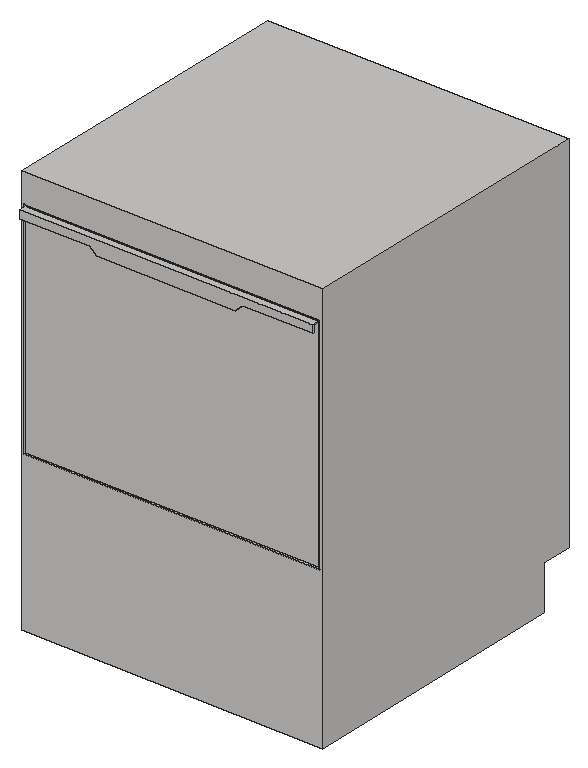
Revit family "QF_ELECTROLUXPROFESSIONAL_400216_ELA3WG", category Specialty Equipment, Revit 2018
Family settings
  Round Connector Dimension = Use Diameter
  Part Type = Normal
  Work Plane-Based = No
  Always vertical = Yes
  Cut with Voids When Loaded = No
  Shared = No
  Room Calculation Point = No
Parameters
  Weight = 54.00 kg
  Watts = 0 W
  Volts = 0 V
  URL Manufacturer = ""
  URL = "http://professional.electrolux.com/"
  Steam Supply Size = 0 mm
  Steam Supply Minimum Pressure = 0.0 Pa
  Steam Supply Maximum Pressure = 0.0 Pa
  Steam Pounds per Hour = 0
  Show Logo [instance] = yes
  Show Clearance [instance] = yes
  Refrigeration Suction Line Size = 0 mm
  Refrigeration Liquid Line Size = 0 mm
  Refrigerant Compressor Remote = yes
  Manufacturer = ""
  Phase = 0
  Model = ""
  Length Actual = 600 mm  # constant formula
  Item Number = ""
  Hot Water Size = 0 mm
  Height Actual = 820 mm  # constant formula
  HP = "7.2 HP"
  Gas Size = 0 mm
  Gas KW = 0
  Gas Input Pressure = 0 W
  Direct Waste Size = 20.5 mm
  Description = ""
  Depth Actual = 648 mm  # constant formula
  Cycle = 0 Hz
  Condensate Return Size = 0 mm
  Compressed Air Volume = 0.0 L/s
  Compressed Air Size = 0 mm
  Compressed Air Pressure = 0.0 Pa
  Cold Water Size = 0 mm
  Accessory = yes
Types (2, lengths in mm): name | Volts | URL Manufacturer | URL | Manufacturer | Phase | Model | Item Number | Hot Water Size | Description | Cycle
  (no name) | 0 V | "" | "http://professional.electrolux.com/" | "" | 0 | "" | "" | 0 | "" | 0 Hz
  Standard | 400 V | "http://professional.electrolux.com" | "http://professional.electrolux.com" | "Electrolux Professional" | 3 | "ELA3WG" | "400216" | 19.05 | "UNDERCOUNTER(L), WASH-SAFE, 3PH, WS, DP, DD, 540D/H" | 50 Hz
Reference planes
  plane 1 "Center (Front/Back)": y = 0
  plane 2: z = 0
  plane 3 "Center (Left/Right)": x = 0
  plane 4 "LEFT": x = -300
  plane 5 "RIGHT": x = 300
  plane 6 "FRONT": y = -306
  plane 7 "BACK": y = 306
  plane 8: x = -202.5
  plane 9: x = 202.5
  plane 10: z = 830
  plane 11: z = 10
Forms (mm)
  Extrusion 1, solid, material "QF_Finishes_Stainless Steel"
    sketch origin (0, 0, 0) x (1, 0, 0) y (0, 1, 0)
      loop
        line (-300, -306) -> (300, -306) -> (300, 245) -> (-300, 245) -> (-300, -306)
    from 10 to 830
  Extrusion 2, solid, material "QF_Finishes_Stainless Steel"
    sketch origin (0, 0, 0) x (1, 0, 0) y (0, 1, 0)
      loop
        line (-300, 245) -> (300, 245) -> (300, 306) -> (-300, 306) -> (-300, 245)
    from 100 to 830
  Extrusion 3, solid, material "QF_Finishes_Stainless Steel"
    sketch origin (0, 17.5, 0) x (1, 0, 0) y (0, 1, 0)
      loop
        circle (-254, 167.5) r 12.5
      loop
        circle (254, 167.5) r 12.5
      loop
        circle (-254, -263.5) r 12.5
      loop
        circle (254, -263.5) r 12.5
    from 0 to 10
  Extrusion 4, void
    sketch origin (-300, -306, 0) x (-1, 0, 0) y (0, 0, 1)
      loop
        line (-5, 773.217) -> (-595, 773.217) -> (-595, 327.335) -> (-5, 327.335) -> (-5, 773.217)
    from 0 to 30
  Extrusion 5, solid, material "QF_Finishes_Stainless Steel"
    sketch origin (-259, -389, 768) x (0, 0, -1) y (1, 0, 0)
      loop
        circle (693, 143) r 10
    from -634 to -695
  Extrusion 6, solid, material "QF_Door-Drawer Clearances", visible <- "Show Clearance", detail levels coarse
    sketch origin (-230, -282.5, 0) x (0, 1, 0) y (0, 0, -1)
      loop
        line (-23.5, -330.419) -> (-391.5, -330.419)
        arc (-391.5, -330.419) -> (-290.693, -619.855) -> (-23.5, -770) r 432.894
        line (-23.5, -770) -> (-23.5, -330.419)
    from 61.197 to -521.306
  Extrusion 7, solid, material "QF_Finishes_Stainless Steel"
    sketch origin (-315.481, -389, 738) x (0, 0, -1) y (1, 0, 0)
      loop
        circle (663, 252.481) r 8
    from -634 to -695
  Extrusion 8, solid, material "QF_Finishes_Stainless Steel"
    sketch origin (-230, -282.5, 0) x (0, 1, 0) y (0, 0, -1)
      loop
        line (-23.5, -330.419) -> (-23.5, -770) -> (1.5, -770) -> (1.5, -330.419) -> (-23.5, -330.419)
    from 61.197 to -521.306
  Extrusion 9, solid, material "QF_Finishes_Stainless Steel"
    sketch origin (-230, -297.5, 0) x (0, 1, 0) y (0, 0, -1)
      loop
        line (-8.5, -770) -> (-8.5, -767.514) -> (-21, -767.514) -> (-21, -741.25) -> (-23.5, -741.25) -> (-23.5, -770) -> (-8.5, -770)
    from 61.197 to -521.306
  Extrusion 10, void
    sketch origin (-230, -321, 770) x (0, 0, 1) y (1, 0, 0)
      loop
        line (-15.552, -61.197) -> (-15.552, 77.909) -> (-28.75, 91.107) -> (-28.75, -61.197) -> (-15.552, -61.197)
      loop
        line (-15.552, 521.197) -> (-28.75, 521.197) -> (-28.75, 368.893) -> (-15.552, 382.091) -> (-15.552, 521.197)
    from 0 to 2.5
  Extrusion 11, solid, material "QF_Finishes_Stainless Steel"
    sketch origin (-295.988, 885.897, 763.79) x (0, -1, 0) y (1, 0, 0)
      loop
        circle (611.5, 158) r 8
    from -663.79 to -673.79
Cuts and joins
  Extrusion 4 cuts Extrusion 1
  joined: Extrusion 1, Extrusion 2
  Extrusion 10 cuts Extrusion 8
  Extrusion 10 cuts Extrusion 9
Lines and regions (mm)
  Split face 1
    outline origin (-300, -306, 830) x (0, 0, -1) y (1, 0, 0)
      loop
        line (21.579, 283.75) -> (39.683, 283.75) -> (39.683, 316.25) -> (21.579, 316.25) -> (21.579, 283.75)
  Split face 2
    outline origin (-300, -306, 830) x (0, 0, -1) y (1, 0, 0)
      loop
        line (56.783, 595) -> (56.783, 600)
      loop
        arc (56.783, 412.5) -> (28.391, 440.891) -> (0, 412.5) r 28.391
  symbolic lines
    curve 1: line (-300, 306, 0) -> (300, 306, 0)
    curve 2: line (-300, -306, 0) -> (-300, 306, 0)
    curve 3: line (300, -306, 0) -> (-300, -306, 0)
    curve 4: line (300, 306, 0) -> (300, -306, 0)
    curve 9: line (-291.197, -306, 0) -> (-291.197, -321, 0)
    curve 10: line (291.306, -321, 0) -> (291.306, -306, 0)
    curve 11: line (-291.197, -321, 0) -> (291.306, -321, 0)
  symbolic lines, style "QF_Door-Drawer Clearances"
    curve 5: line (-291.197, -674, 0) -> (291.306, -674, 0)
    curve 6: line (291.306, -674, 0) -> (291.306, -306, 0)
    curve 7: line (-291.197, -674, 0) -> (-291.197, -306, 0)
  symbolic lines, style "SpecialityEquipmentHiddenLines"
    curve 8: line (-300, 245, 0) -> (300, 245, 0)
Dimensions and locks
  equal spacing: plane 4 "LEFT", plane 3 "Center (Left/Right)", plane 5 "RIGHT"
  equal spacing: plane 7 "BACK", plane 1 "Center (Front/Back)", plane 6 "FRONT"
  plane 7 "BACK" to plane 6 "FRONT" = 612 mm
  plane 4 "LEFT" to plane 5 "RIGHT" = 600 mm
  plane 4 "LEFT" to plane 8 = 97.5 mm
  plane 9 to plane 5 "RIGHT" = 97.5 mm
  plane 11 to level = 10 mm
  plane 4 "LEFT" to plane 3 "Center (Left/Right)" = 300 mm
  plane 10 to level = 830 mm  (x2)
  plane 8 to plane 9 = 405 mm
  Extrusion 11 sketch curve to plane 4 "LEFT" = 162.012 mm
  level to Extrusion 5 sketch curve = 75 mm
  Extrusion 5 sketch curve to plane 4 "LEFT" = 184 mm
  Extrusion 7 sketch curve to plane 4 "LEFT" = 237 mm
  level to Extrusion 7 sketch curve = 75 mm
  Extrusion 3 to cut or joined group of Extrusion 1, Extrusion 2, Extrusion 4 = 121 mm
  Extrusion 3 to Extrusion 3 = 431 mm
  plane 6 "FRONT" to Extrusion 3 = 60 mm
  plane 9 to plane 8 = 405 mm
  plane 7 "BACK" to curve 5 = 980 mm
  cut or joined group of Extrusion 1, Extrusion 2, Extrusion 4 to level = 327.335 mm
  aligned and locked: level to plane 2
  aligned and locked: Extrusion 1 sketch curve to plane 6 "FRONT"
  aligned and locked: Extrusion 1 sketch curve to plane 4 "LEFT"
  aligned and locked: plane 5 "RIGHT" to Extrusion 1 sketch curve
  aligned and locked: Extrusion 1 to plane 11
  aligned and locked: Extrusion 2 sketch curve to Extrusion 1
  aligned and locked: plane 5 "RIGHT" to Extrusion 2 sketch curve
  aligned and locked: plane 11 to Extrusion 3
  aligned and locked: cut or joined group of Extrusion 9, Extrusion 10 to Extrusion 10
Automatic sketch dimensions
  Extrusion 1 sketch curve to plane 7 "BACK" = 61 mm
  Extrusion 3 sketch curve to plane 8 = 51.5 mm  (x2)
  plane 9 to Extrusion 3 sketch curve = 51.5 mm  (x2)
  plane 6 "FRONT" to Extrusion 3 sketch curve = 60 mm  (x2)
  Extrusion 3 sketch curve to plane 7 "BACK" = 121 mm  (x2)
  Extrusion 4 sketch curve to Extrusion 1 = 5 mm  (x2)
  Extrusion 4 sketch curve to Extrusion 1 = 317.335 mm
  Extrusion 4 sketch curve to Extrusion 1 = 56.783 mm
  plane 6 "FRONT" to Extrusion 8 sketch curve = 0 mm
  Extrusion 8 sketch curve to Extrusion 8 sketch curve = 25 mm
  Extrusion 9 sketch curve to plane 6 "FRONT" = 15 mm
  Extrusion 9 sketch curve to Extrusion 9 sketch curve = 2.5 mm
  Extrusion 9 sketch curve to Extrusion 9 sketch curve = 12.5 mm
  Extrusion 9 sketch curve to plane 10 = 60 mm
  Extrusion 9 sketch curve to Extrusion 9 sketch curve = 2.486 mm
  Extrusion 9 sketch curve to Extrusion 9 sketch curve = 26.264 mm
  Extrusion 2 sketch curve to Extrusion 2 sketch curve = 61 mm
  Split face 1 sketch curve to cut or joined group of Extrusion 1, Extrusion 2, Extrusion 4 = 21.579 mm
  Split face 1 sketch curve to Split face 1 sketch curve = 18.104 mm
  Split face 1 sketch curve to cut or joined group of Extrusion 1, Extrusion 2, Extrusion 4 = 278.75 mm
  Split face 1 sketch curve to Split face 1 sketch curve = 32.5 mm
  plane 11 to Extrusion 8 sketch curve = 320.419 mm
  Extrusion 8 sketch curve to plane 10 = 60 mm
  Extrusion 10 sketch curve to Extrusion 9 = 0 mm  (x2)
  Extrusion 9 to Extrusion 10 sketch curve = 0 mm
  Extrusion 10 sketch curve to Extrusion 9 = 13.198 mm  (x2)
  Extrusion 10 sketch curve to Extrusion 9 = 139.107 mm
  Extrusion 10 sketch curve to Extrusion 10 sketch curve = 13.198 mm  (x2)
  Extrusion 10 sketch curve to Extrusion 9 = 152.413 mm
  Extrusion 10 sketch curve to Extrusion 9 = 0.109 mm
  curve 3 to plane 4 "LEFT" = 0 mm
  curve 7 to plane 6 "FRONT" = 0 mm
  curve 4 to plane 5 "RIGHT" = 0 mm
  curve 2 to plane 7 "BACK" = 0 mm
  plane 4 "LEFT" to curve 5 = 8.803 mm
  curve 5 to plane 5 "RIGHT" = 8.694 mm
  plane 4 "LEFT" to curve 11 = 8.803 mm
  curve 10 to plane 5 "RIGHT" = 8.694 mm
  curve 11 to plane 6 "FRONT" = 15 mm
  curve 8 to plane 7 "BACK" = 61 mm
  Extrusion 2 sketch curve to plane 7 "BACK" = 0 mm
  Split face 2 sketch curve to cut or joined group of Extrusion 1, Extrusion 2, Extrusion 4 = 0 mm  (x5)
  Split face 2 sketch curve to cut or joined group of Extrusion 1, Extrusion 2, Extrusion 4 = 182.5 mm
  Extrusion 11 sketch curve to plane 7 "BACK" = 31.603 mm
  Extrusion 6 sketch curve to plane 6 "FRONT" = 0 mm
  plane 6 "FRONT" to Extrusion 6 sketch curve = 64.74 mm
  plane 11 to Extrusion 6 sketch curve = 331.974 mm
  Extrusion 6 sketch curve to Extrusion 6 sketch curve = 11.555 mm
  Extrusion 6 sketch curve to plane 6 "FRONT" = 368 mm
  radius of Extrusion 5 sketch curve = 10 mm
  radius of Extrusion 7 sketch curve = 8 mm
  radius of Extrusion 3 sketch curve = 12.5 mm  (x4)
  radius of Extrusion 11 sketch curve = 8 mm
Connectors
  piping at (-116, 306, 75), diameter 20
    settings: on Extrusion 5, index 1, connector inside diameter 609.6 mm, connector length 0 mm, flow factor 0, pipe flow 0.0 L/s, pressure drop 0.0 Pa, fitting loss kfactor 0, connector angle 0.00°, fixture units 0, engagement length 0 mm, angle of deflection 0.00°, flow configuration 1, flow direction 1, fitting loss method 0, system type 16, joint type 0, gender type 0, connector reference index -1, connector utility 0, adjustable connector no, is connector primary yes, connector description "Drain"
  piping at (-63, 306, 75), diameter 16
    settings: on Extrusion 7, index 3, connector inside diameter 609.6 mm, connector length 0 mm, flow factor 0, pipe flow 0.0 L/s, pressure drop 0.0 Pa, fitting loss kfactor 0, connector angle 0.00°, fixture units 0, engagement length 0 mm, angle of deflection 0.00°, flow configuration 1, flow direction 1, fitting loss method 0, system type 20, joint type 0, gender type 0, connector reference index -1, connector utility 0, adjustable connector no, is connector primary no, connector description "Cold Water Inlet"
  electrical at (-137.988, 274.397, 90), driven by "Volts"
    settings: on Extrusion 11, index 4, voltage 0 V, apparent load 0 VA, apparent load phase1 0 VA, apparent load phase2 0 VA, apparent load phase3 0 VA, power factor 1, load classification "Altro", number of poles 1, system type 31, power factor state 1, is connector primary yes, connector utility no, sub classification motor no, connector description "Electrical Connection"
